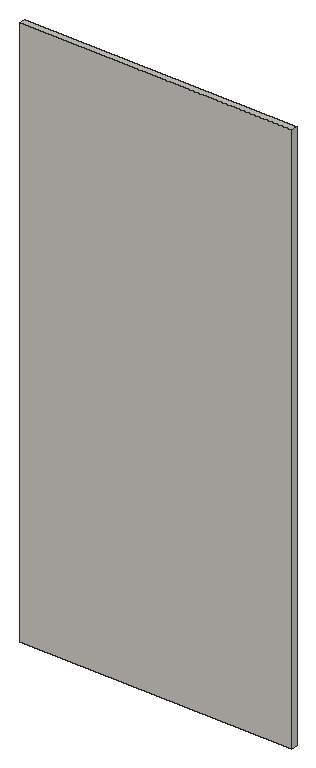
Revit family "Formwork-Plywood-Wall-Line Based", category Site, Revit 2017
Family settings
  Round Connector Dimension = Use Diameter
  Part Type = Normal
  Cut with Voids When Loaded = No
  Shared = No
Parameters
  Height [instance] = 2000 mm
  Thickness = 20 mm
  built-in parameter 1001306 [instance] = 980 mm
Reference planes
  plane 1 "Center (Front/Back)": y = 0
  plane 2: z = 0
  plane 3 "Left": x = 0
  plane 4 "Right": x = 980
  plane 5: y = -10
  plane 6 "bottom": z = 2000
Forms (mm)
  Extrusion 1, solid
    sketch origin (0, 0, 0) x (0, 1, 0) y (0, 0, 1)
      loop
        line (0, 2000) -> (-20, 2000) -> (-20, 0) -> (0, 0) -> (0, 2000)
    from 0 to 980 <- "built-in parameter 1001306"
Lines and regions (mm)
  reference lines
    curve 1: line (0, 0, 0) -> (980, 0, 0)
Dimensions and locks
  "built-in parameter 1001306": plane 3 "Left" to plane 4 "Right"
  locked: plane 1 "Center (Front/Back)" to plane 5 at 10
  "Height": level to plane 6 "bottom"
  plane 1 "Center (Front/Back)" to Extrusion 1 = 20 mm
  "Thickness": plane 1 "Center (Front/Back)" to Extrusion 1 sketch curve
  aligned and locked: plane 4 "Right" to curve 1
  aligned and locked: plane 1 "Center (Front/Back)" to curve 1
  aligned and locked: plane 3 "Left" to curve 1
  aligned and locked: level to plane 2
  aligned and locked: plane 4 "Right" to Extrusion 1
  aligned and locked: Extrusion 1 to plane 3 "Left"
  aligned and locked: plane 1 "Center (Front/Back)" to Extrusion 1 sketch curve
Automatic sketch dimensions
  Extrusion 1 sketch curve to level = 0 mm
  plane 6 "bottom" to Extrusion 1 sketch curve = 0 mm
